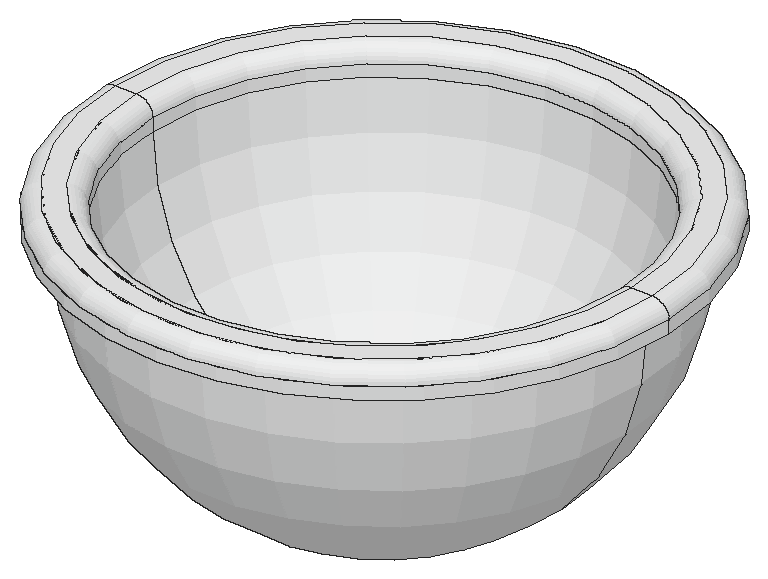
Revit family "PFX_A3-AU-Vanity-Basin-round", category Plumbing Fixtures, Revit 2016
Family settings
  Part Type = Normal
  Round Connector Dimension = Use Diameter
  Work Plane-Based = No
  Always vertical = Yes
  Cut with Voids When Loaded = No
  Shared = No
  Room Calculation Point = No
Parameters (values of type "Vanity Basin")
  Diameter (cut) = 400 mm
  Material = none
  Height = 900 mm
Reference planes
  plane 1 "Center (Front/Back)": y = 220.575
  plane 2: z = 0
  plane 3 "Center (Left/Right)": x = -1.104
  plane 4 "Left": x = -201.104
  plane 5 "Right": x = 198.896
  plane 6 "Top": z = 900
Forms (mm)
  Revolve 1, solid, material <- "Material"
    sketch origin (0, 220.575, 0) x (1, 0, 0) y (0, 0, 1)
      loop
        line (198.896, 900) -> (214.844, 900) -> (214.844, 909.388)
        arc (214.844, 909.388) -> (211.329, 917.873) -> (202.844, 921.388) r 12
        line (202.844, 921.388) -> (186.981, 921.388)
        arc (186.981, 921.388) -> (178.34, 917.808) -> (174.76, 909.166) r 12.222
        line (174.76, 909.166) -> (174.76, 900)
        arc (174.76, 900) -> (131.779, 784.964) -> (23.896, 726.297) r 175.432
        line (23.896, 726.297) -> (23.896, 701.569)
        arc (23.896, 701.569) -> (148.896, 767.712) -> (198.896, 900) r 200
      axis (-1.104, 921.388) -> (-1.104, 701.569)
    angle from 0 to 360
Dimensions and locks
  equal spacing: plane 4 "Left", plane 3 "Center (Left/Right)", plane 5 "Right"
  "Diameter (cut)": plane 4 "Left" to plane 5 "Right"
  "Height": plane 6 "Top" to level
Automatic sketch dimensions
  Revolve 1 sketch curve to plane 3 "Center (Left/Right)" = 0 mm  (x2)
  Revolve 1 sketch curve to plane 6 "Top" = 0 mm  (x2)
  Revolve 1 sketch curve to plane 5 "Right" = 0 mm
  plane 3 "Center (Left/Right)" to Revolve 1 sketch curve = 0.432 mm
  plane 3 "Center (Left/Right)" to Revolve 1 sketch curve = 25 mm
  Revolve 1 sketch curve to Revolve 1 sketch curve = 24.136 mm
  Revolve 1 sketch curve to plane 5 "Right" = 11.914 mm
  plane 5 "Right" to Revolve 1 sketch curve = 3.948 mm
  Revolve 1 sketch curve to Revolve 1 sketch curve = 12 mm
  Revolve 1 sketch curve to Revolve 1 sketch curve = 1.569 mm
  Revolve 1 sketch curve to Revolve 1 sketch curve = 24.568 mm
  Revolve 1 sketch curve to Revolve 1 sketch curve = 9.166 mm
